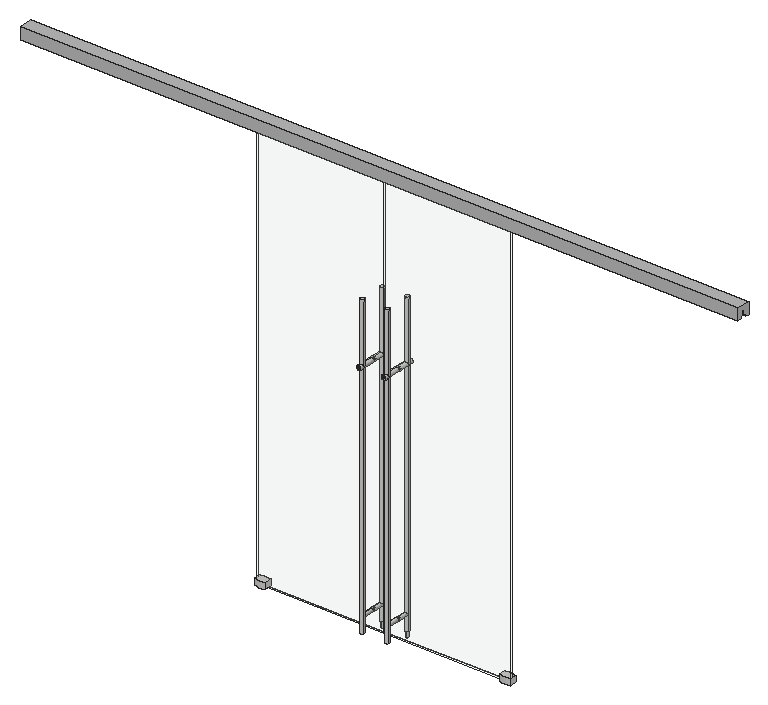
Revit family "Doors_Sliding_Avanti_Systems_Polaris-Auto-Magnetic-Slider_Pair-Soffit-Mount-Dbl-Glazed", category Doors, Revit 2015 (continued)
Definition of nested family "Handle"
  Definition of nested family "Handle_For-Glass_Rounded_60in"
    Parameters (values of type "60"")
      Handle Height [instance] = 60"  # constant formula
    Reference planes (in)
      plane 1 "Center (Front/Back)": y = 0
      plane 2: z = 19.87581
      plane 3 "Center (Left/Right)": x = 0
      plane 4: z = 2.66749
      plane 5: y = -36.97039
      plane 6: z = 0
      plane 7: y = 20.02961
      plane 8: y = -39.97039
    Forms (in)
      Sweep 1, solid, material <- "Handle Material"
        path origin (0, -11.8462, 0) x (0, 0, -1) y (0, 1, 0)
          loop
            line (-2.10925, -25.12419) -> (0, -25.12419)
        profile origin (0, -36.97039, 0) x (1, 0, 0) y (0, 1, 0)
          loop
            circle (0, 0) r 0.3125
      Sweep 2, solid, material <- "Handle Material"
        path origin (0, 16.15997, 0) x (0, 0, -1) y (0, 1, 0)
          loop
            line (-3.10757, -8.13036) -> (0, -8.13036)
        profile origin (0, 8.02961, 0) x (1, 0, 0) y (0, 1, 0)
          loop
            circle (0, 0) r 0.4375
      Extrusion 3, solid, material <- "Handle Material"
        sketch origin (0, -11.8462, 0) x (1, 0, 0) y (0, 0, -1)
          loop
            circle (0, -2.27257) r 0.39445
        from -28.12419 to 31.87581
      Revolve 4, solid, material <- "Handle Material"
        sketch origin (0, -11.8462, 0) x (0, 0, -1) y (0, 1, 0)
          loop
            line (-3.10757, 20.0489) -> (-3.19084, 20.0489) -> (-3.19084, 19.87581) -> (-3.10757, 19.87581) -> (-3.10757, 20.0489)
          axis (-3.10757, 19.87581) -> (-3.19084, 19.87581)
        angle from 0 to 360
      Extrusion 5, solid, material <- "Handle Material", visible <- "Locker"
        sketch origin (0, -11.8462, 0) x (0, 0, -1) y (0, 1, 0)
          loop
            line (-3.19084, 19.98905) -> (-3.34908, 19.98905)
            arc (-3.34908, 19.98905) -> (-3.37904, 19.97664) -> (-3.39145, 19.94668) r 0.04237
            line (-3.39145, 19.94668) -> (-3.39145, 19.80495)
            arc (-3.39145, 19.80495) -> (-3.37904, 19.77499) -> (-3.34908, 19.76258) r 0.04237
            line (-3.34908, 19.76258) -> (-3.19084, 19.76258) -> (-3.19084, 19.98905)
        from -0.03592 to 0.03621
      Revolve 6, solid, material <- "Handle Material", visible <- "No locker"
        sketch origin (0, -11.62359, 0) x (0, 0, -1) y (0, 1, 0)
          loop
            line (-3.10757, 20.0489) -> (-3.20833, 20.0489) -> (-3.20833, 19.87581) -> (-3.10757, 19.87581) -> (-3.10757, 20.0489)
          axis (-3.10757, 19.87581) -> (-3.20833, 19.87581)
        angle from 0 to 360
      Revolve 7, solid, material <- "Handle Material", visible <- "Locker"
        sketch origin (0, -11.8462, 0) x (0, 0, -1) y (0, 1, 0)
          loop
            line (-2.27257, -28.12419) -> (-2.50833, -28.12419) -> (-2.50833, -29.32199) -> (-2.41048, -29.49919) -> (-2.27257, -29.49919) -> (-2.27257, -28.12419)
          axis (-2.27257, -28.12419) -> (-2.27257, -29.49919)
        angle from 0 to 360
    Lines and regions (in)
      reference lines
        curve 1: line (0, -40.47039, 2.66749) -> (0, -40.47039, 0)
    Dimensions and locks (in)
      locked: plane 8 to plane 5 at 3
      "Handle Height": plane 7 to plane 8
      aligned and locked: Extrusion 3 to plane 7
      aligned and locked: Extrusion 3 to plane 8
      aligned and locked: Sweep 1 sketch curve to plane 5
  Definition of nested family "Handle_For-Glass_Rounded_60in2"
    Parameters (values of type "60"")
      No locker [instance] = yes
      Locker [instance] = yes
      Handle Material [instance] = none
      Handle Height [instance] = 60"  # constant formula
    Reference planes (in)
      plane 1 "Center (Front/Back)": y = 0
      plane 2: z = 19.87581
      plane 3 "Center (Left/Right)": x = 0
      plane 4: y = -36.97039
      plane 5: z = 0
      plane 6: y = 20.02961
      plane 7: y = -39.97039
      plane 8: z = -2.66749
    Forms (in)
      Sweep 1, solid, material <- "Handle Material"
        path origin (0, -11.8462, 0) x (0, 0, 1) y (0, 1, 0)
          loop
            line (-2.10925, -25.12419) -> (0, -25.12419)
        profile origin (0, -36.97039, 0) x (0, -1, 0) y (1, 0, 0)
          loop
            circle (0, 0) r 0.3125
      Sweep 2, solid, material <- "Handle Material"
        path origin (0, 16.15997, 0) x (0, 0, 1) y (0, 1, 0)
          loop
            line (-3.10757, -8.13036) -> (0, -8.13036)
        profile origin (0, 8.02961, 0) x (0, -1, 0) y (1, 0, 0)
          loop
            circle (0, 0) r 0.4375
      Extrusion 3, solid, material <- "Handle Material"
        sketch origin (0, -11.8462, 0) x (1, 0, 0) y (0, 0, -1)
          loop
            circle (0, 2.27257) r 0.39445
        from -28.12419 to 31.87581
      Revolve 4, solid, material <- "Handle Material"
        sketch origin (0, -11.8462, 0) x (0, 0, 1) y (0, 1, 0)
          loop
            line (-3.10757, 20.0489) -> (-3.19084, 20.0489) -> (-3.19084, 19.87581) -> (-3.10757, 19.87581) -> (-3.10757, 20.0489)
          axis (-3.10757, 19.87581) -> (-3.19084, 19.87581)
        angle from 0 to 360
      Extrusion 5, solid, material <- "Handle Material", visible <- "Locker"
        sketch origin (0, -11.8462, 0) x (0, 0, 1) y (0, -1, 0)
          loop
            line (-3.19084, -19.98905) -> (-3.19084, -19.76258) -> (-3.34908, -19.76258)
            arc (-3.34908, -19.76258) -> (-3.37904, -19.77499) -> (-3.39145, -19.80495) r 0.04237
            line (-3.39145, -19.80495) -> (-3.39145, -19.94668)
            arc (-3.39145, -19.94668) -> (-3.37904, -19.97664) -> (-3.34908, -19.98905) r 0.04237
            line (-3.34908, -19.98905) -> (-3.19084, -19.98905)
        from -0.03592 to 0.03621
      Revolve 6, solid, material <- "Handle Material", visible <- "No locker"
        sketch origin (0, -11.62359, 0) x (0, 0, 1) y (0, 1, 0)
          loop
            line (-3.10757, 20.0489) -> (-3.20833, 20.0489) -> (-3.20833, 19.87581) -> (-3.10757, 19.87581) -> (-3.10757, 20.0489)
          axis (-3.10757, 19.87581) -> (-3.20833, 19.87581)
        angle from 0 to 360
      Revolve 7, solid, material <- "Handle Material", visible <- "Locker"
        sketch origin (0, -11.8462, 0) x (0, 0, 1) y (0, 1, 0)
          loop
            line (-2.27257, -28.12419) -> (-2.50833, -28.12419) -> (-2.50833, -29.32199) -> (-2.41048, -29.49919) -> (-2.27257, -29.49919) -> (-2.27257, -28.12419)
          axis (-2.27257, -28.12419) -> (-2.27257, -29.49919)
        angle from 0 to 360
    Lines and regions (in)
      reference lines
        curve 1: line (0, -40.47039, -2.66749) -> (0, -40.47039, 0)
    Dimensions and locks (in)
      locked: plane 7 to plane 4 at 3
      "Handle Height": plane 6 to plane 7
Definition of nested family "Rail-Detail"
  Parameters (values of type "Family9")
    Thickness = 1/2"
    Half Thickness = Thickness / 2  # 1/4"
  Reference planes (in)
    plane 1 "Center (Front/Back)": y = 0
    plane 2: z = 0
    plane 3 "Center (Left/Right)": x = 0
    plane 4: x = 0.07386
  Lines and regions (in)
    model lines, in view "Ref. Level"
      curve 1: arc (-1.04773, 0.84252, 0) -> (-0.88829, 0.68307, 0) -> (-0.72884, 0.84252, 0) r 0.15945
      curve 2: arc (-0.72884, -0.84252, 0) -> (-0.8873, -0.68406, 0) -> (-1.04577, -0.84252, 0) r 0.15846
      curve 3: arc (1.33613, 1.08268, 0) -> (1.31306, 1.13836, 0) -> (1.25739, 1.16142, 0) r 0.07874
      curve 4: arc (1.25739, -1.18111, 0) -> (1.31306, -1.15804, 0) -> (1.33613, -1.10236, 0) r 0.07874
      curve 5: arc (0.74558, -1.16929, 0) -> (0.74904, -1.17765, 0) -> (0.75739, -1.18111, 0) r 0.01181
      curve 6: arc (0.75739, -1.07284, 0) -> (0.74903, -1.0763, 0) -> (0.74558, -1.08465, 0) r 0.01181
      curve 7: arc (0.80848, -1.07562, 0) -> (0.80492, -1.07355, 0) -> (0.80087, -1.07284, 0) r 0.01182
      curve 8: arc (0.81644, -1.08759, 0) -> (0.81516, -1.08223, 0) -> (0.81158, -1.07804, 0) r 0.01181
      curve 9: arc (0.81644, -1.12205, 0) -> (0.81875, -1.12762, 0) -> (0.82432, -1.12992, 0) r 0.00787
      curve 10: arc (0.86369, -1.12992, 0) -> (0.86925, -1.12762, 0) -> (0.87156, -1.12205, 0) r 0.00787
      curve 11: arc (0.87642, -1.07804, 0) -> (0.87285, -1.08223, 0) -> (0.87156, -1.08759, 0) r 0.01181
      curve 12: arc (0.87642, -1.07804, 0) -> (0.89912, -1.03347, 0) -> (0.87642, -0.9889, 0) r 0.05512
      curve 13: arc (0.87156, -0.97934, 0) -> (0.87285, -0.9847, 0) -> (0.87642, -0.9889, 0) r 0.01182
      curve 14: arc (0.87156, -0.94488, 0) -> (0.86925, -0.93932, 0) -> (0.86369, -0.93701, 0) r 0.00787
      curve 15: arc (0.82432, -0.93701, 0) -> (0.81875, -0.93932, 0) -> (0.81644, -0.94488, 0) r 0.00787
      curve 16: arc (0.81158, -0.98889, 0) -> (0.81516, -0.9847, 0) -> (0.81644, -0.97934, 0) r 0.01182
      curve 17: arc (0.80088, -0.9941, 0) -> (0.80493, -0.99338, 0) -> (0.80848, -0.99132, 0) r 0.0118
      curve 18: arc (0.74558, -0.98229, 0) -> (0.74903, -0.99064, 0) -> (0.75739, -0.9941, 0) r 0.01181
      curve 19: arc (0.75739, -0.88583, 0) -> (0.74903, -0.88929, 0) -> (0.74558, -0.89764, 0) r 0.01181
      curve 20: arc (1.00148, -0.89764, 0) -> (0.99802, -0.88929, 0) -> (0.98967, -0.88583, 0) r 0.01181
      curve 21: arc (1.00148, -1.09055, 0) -> (1.00494, -1.0989, 0) -> (1.01329, -1.10236, 0) r 0.01181
      curve 22: arc (1.26526, -1.10236, 0) -> (1.27361, -1.0989, 0) -> (1.27707, -1.09055, 0) r 0.01181
      curve 23: arc (1.27707, 0.68898, 0) -> (1.26554, 0.71682, 0) -> (1.2377, 0.72835, 0) r 0.03937
      curve 24: arc (1.21802, 0.74016, 0) -> (1.22148, 0.73181, 0) -> (1.22983, 0.72835, 0) r 0.01181
      curve 25: arc (1.21802, 1.01968, 0) -> (1.21571, 1.02525, 0) -> (1.21014, 1.02756, 0) r 0.00788
      curve 26: arc (0.844, 1.09843, 0) -> (0.80857, 1.06299, 0) -> (0.844, 1.02756, 0) r 0.03543
      curve 27: arc (1.07629, 1.09843, 0) -> (1.08185, 1.10073, 0) -> (1.08416, 1.1063, 0) r 0.00787
      curve 28: arc (1.09204, 1.16142, 0) -> (1.08647, 1.15911, 0) -> (1.08416, 1.15354, 0) r 0.00788
      curve 29: arc (-1.25049, 0.88583, 0) -> (-1.25884, 0.88237, 0) -> (-1.2623, 0.87402, 0) r 0.01181
      curve 30: arc (-1.2623, -0.87402, 0) -> (-1.25884, -0.88237, 0) -> (-1.25049, -0.88583, 0) r 0.01181
      curve 31: arc (-0.46309, -0.9941, 0) -> (-0.45474, -0.99064, 0) -> (-0.45128, -0.98229, 0) r 0.01181
      curve 32: arc (-0.51419, -0.99132, 0) -> (-0.51689, -0.98918, 0) -> (-0.51971, -0.98722, 0) r 0.05492
      curve 33: arc (0.82235, 0.88583, 0) -> (0.814, 0.88237, 0) -> (0.81054, 0.87402, 0) r 0.01181
      curve 34: arc (-0.1875, 1.02362, 0) -> (-0.19585, 1.02017, 0) -> (-0.19931, 1.01181, 0) r 0.01181
      curve 35: arc (-0.21112, 0.95669, 0) -> (-0.20277, 0.96015, 0) -> (-0.19931, 0.9685, 0) r 0.01181
      curve 36: arc (-0.49065, 0.95669, 0) -> (-0.499, 0.95323, 0) -> (-0.50246, 0.94488, 0) r 0.01181
      curve 37: arc (-0.50246, 0.85827, 0) -> (-0.499, 0.84992, 0) -> (-0.49065, 0.84646, 0) r 0.01181
      curve 38: arc (-0.39616, 0.83465, 0) -> (-0.39962, 0.843, 0) -> (-0.40797, 0.84646, 0) r 0.01181
      curve 39: arc (-0.40797, 0.72835, 0) -> (-0.39962, 0.73181, 0) -> (-0.39616, 0.74016, 0) r 0.01181
      curve 40: arc (-0.50593, 0.73181, 0) -> (-0.50209, 0.72925, 0) -> (-0.49756, 0.72835, 0) r 0.01184
      curve 41: arc (-0.60088, 0.83166, 0) -> (-0.59998, 0.82715, 0) -> (-0.59743, 0.82332, 0) r 0.0118
      curve 42: arc (-0.60088, 0.87402, 0) -> (-0.60434, 0.88237, 0) -> (-0.61269, 0.88583, 0) r 0.01181
      curve 43: arc (1.13337, 0.87402, 0) -> (1.12991, 0.88237, 0) -> (1.12156, 0.88583, 0) r 0.01181
      curve 44: arc (0.81054, 0.8189, 0) -> (0.814, 0.81054, 0) -> (0.82235, 0.80709, 0) r 0.01181
      curve 45: arc (0.86369, 0.79528, 0) -> (0.86023, 0.80363, 0) -> (0.85188, 0.80709, 0) r 0.01181
      curve 46: arc (0.85188, 0.72835, 0) -> (0.86023, 0.73181, 0) -> (0.86369, 0.74016, 0) r 0.01181
      curve 47: arc (0.59991, 0.84646, 0) -> (0.59155, 0.843, 0) -> (0.58809, 0.83465, 0) r 0.01181
      curve 48: arc (0.68258, 0.84646, 0) -> (0.69094, 0.84992, 0) -> (0.69439, 0.85827, 0) r 0.01181
      curve 49: arc (-0.45128, -0.89764, 0) -> (-0.45474, -0.88929, 0) -> (-0.46309, -0.88583, 0) r 0.01181
      curve 50: arc (-0.51419, -0.99132, 0) -> (-0.51063, -0.99338, 0) -> (-0.50658, -0.9941, 0) r 0.0118
      curve 51: arc (-0.57969, -0.98722, 0) -> (-0.60482, -1.03347, 0) -> (-0.57969, -1.07971, 0) r 0.05512
      curve 52: arc (-0.51971, -1.07971, 0) -> (-0.51688, -1.07775, 0) -> (-0.51418, -1.07562, 0) r 0.05538
      curve 53: arc (-0.50657, -1.07284, 0) -> (-0.51062, -1.07355, 0) -> (-0.51418, -1.07562, 0) r 0.01182
      curve 54: arc (-0.45128, -1.08465, 0) -> (-0.45474, -1.0763, 0) -> (-0.46309, -1.07284, 0) r 0.01181
      curve 55: arc (-0.46309, -1.18111, 0) -> (-0.45474, -1.17765, 0) -> (-0.45128, -1.16929, 0) r 0.01181
      curve 56: arc (-1.41978, -1.10236, 0) -> (-1.39672, -1.15804, 0) -> (-1.34104, -1.18111, 0) r 0.07874
      curve 57: arc (-1.34104, 1.1811, 0) -> (-1.39672, 1.15804, 0) -> (-1.41978, 1.10236, 0) r 0.07874
      curve 58: arc (0.5881, 0.74016, 0) -> (0.59155, 0.73181, 0) -> (0.59991, 0.72835, 0) r 0.01181
      curve 59: arc (0.78638, 1.17372, 0) -> (0.78203, 1.17909, 0) -> (0.77543, 1.1811, 0) r 0.01181
      curve 60: arc (0.78638, 1.17372, 0) -> (0.80463, 1.16142, 0) -> (0.82288, 1.17372, 0) r 0.01969
      curve 61: arc (0.83383, 1.1811, 0) -> (0.82723, 1.17909, 0) -> (0.82288, 1.17372, 0) r 0.01181
      curve 62: arc (0.69439, 0.94488, 0) -> (0.69094, 0.95323, 0) -> (0.68258, 0.95669, 0) r 0.01181
      curve 63: arc (0.39124, 0.9685, 0) -> (0.3947, 0.96015, 0) -> (0.40305, 0.95669, 0) r 0.01181
      curve 64: arc (0.39124, 1.01181, 0) -> (0.38779, 1.02017, 0) -> (0.37943, 1.02362, 0) r 0.01181
      curve 65: arc (1.20893, 0.9635, 0) -> (1.21547, 0.96767, 0) -> (1.21802, 0.975, 0) r 0.01181
      curve 66: arc (1.20893, 0.9635, 0) -> (1.17865, 0.9252, 0) -> (1.20893, 0.88689, 0) r 0.03937
      curve 67: arc (1.21802, 0.8754, 0) -> (1.21547, 0.88272, 0) -> (1.20893, 0.88689, 0) r 0.01181
      curve 68: arc (1.20621, 0.72835, 0) -> (1.21456, 0.73181, 0) -> (1.21802, 0.74016, 0) r 0.01181
      curve 69: arc (1.08022, 0.74016, 0) -> (1.08368, 0.73181, 0) -> (1.09203, 0.72835, 0) r 0.01181
      curve 70: arc (1.09203, 0.80709, 0) -> (1.08368, 0.80363, 0) -> (1.08022, 0.79528, 0) r 0.01181
      curve 71: arc (1.12156, 0.80709, 0) -> (1.12991, 0.81054, 0) -> (1.13337, 0.8189, 0) r 0.01181
      curve 72: arc (-1.09695, -1.04331, 0) -> (-1.09464, -1.04888, 0) -> (-1.08907, -1.05118, 0) r 0.00787
      curve 73: arc (-0.6875, -1.05118, 0) -> (-0.68193, -1.04888, 0) -> (-0.67962, -1.04331, 0) r 0.00787
      curve 74: arc (-0.67175, -0.88583, 0) -> (-0.67732, -0.88813, 0) -> (-0.67962, -0.8937, 0) r 0.00787
      curve 75: arc (-1.09695, -0.8937, 0) -> (-1.09925, -0.88814, 0) -> (-1.10482, -0.88583, 0) r 0.00787
      curve 76: arc (-1.08907, 1.05118, 0) -> (-1.09463, 1.04888, 0) -> (-1.09695, 1.04332, 0) r 0.00788
      curve 77: arc (-1.10482, 0.88583, 0) -> (-1.09925, 0.88814, 0) -> (-1.09695, 0.8937, 0) r 0.00787
      curve 78: arc (-0.67962, 1.0433, 0) -> (-0.68193, 1.04888, 0) -> (-0.6875, 1.05118, 0) r 0.00788
      curve 79: arc (-0.67962, 0.8937, 0) -> (-0.67732, 0.88813, 0) -> (-0.67175, 0.88583, 0) r 0.00787
      curve 80: arc (-0.53002, -1.12992, 0) -> (-0.52445, -1.12762, 0) -> (-0.52214, -1.12205, 0) r 0.00787
      curve 81: arc (-0.57726, -1.12205, 0) -> (-0.57495, -1.12762, 0) -> (-0.56939, -1.12992, 0) r 0.00787
      curve 82: arc (-0.56939, -0.93701, 0) -> (-0.57495, -0.93932, 0) -> (-0.57726, -0.94488, 0) r 0.00787
      curve 83: arc (-0.52214, -0.94488, 0) -> (-0.52445, -0.93932, 0) -> (-0.53002, -0.93701, 0) r 0.00787
      curve 84: arc (1.08022, 1.16929, 0) -> (1.07676, 1.17764, 0) -> (1.06841, 1.1811, 0) r 0.01181
      curve 85: arc (1.04085, 1.10236, 0) -> (1.06869, 1.1139, 0) -> (1.08022, 1.14173, 0) r 0.03937
      curve 86: arc (0.99314, 1.10691, 0) -> (0.99728, 1.10356, 0) -> (1.00246, 1.10236, 0) r 0.01181
      curve 87: arc (0.99314, 1.10691, 0) -> (0.96211, 1.12205, 0) -> (0.93108, 1.10691, 0) r 0.03937
      curve 88: arc (0.92177, 1.10236, 0) -> (0.92695, 1.10356, 0) -> (0.93108, 1.10691, 0) r 0.01181
      curve 89: arc (0.844, 1.10236, 0) -> (0.80463, 1.06299, 0) -> (0.844, 1.02362, 0) r 0.03937
      curve 90: arc (0.93108, 1.01908, 0) -> (0.92695, 1.02243, 0) -> (0.92177, 1.02362, 0) r 0.01181
      curve 91: arc (0.93108, 1.01908, 0) -> (0.96211, 1.00394, 0) -> (0.99314, 1.01908, 0) r 0.03937
      curve 92: arc (1.00246, 1.02362, 0) -> (0.99727, 1.02243, 0) -> (0.99314, 1.01908, 0) r 0.01181
      curve 93: arc (1.21802, 1.01181, 0) -> (1.21456, 1.02017, 0) -> (1.20621, 1.02362, 0) r 0.01181
      curve 94: line (-1.03396, 1, 0) -> (-0.74262, 1, 0)
      curve 95: line (-1.04773, 0.84252, 0) -> (-1.04773, 0.89626, 0)
      curve 96: line (-0.72884, 0.89626, 0) -> (-0.72884, 0.84252, 0)
      curve 97: line (-1.03396, -1, 0) -> (-0.74262, -1, 0)
      curve 98: line (-0.72884, -0.89626, 0) -> (-0.72884, -0.84252, 0)
      curve 99: line (-1.04577, -0.84252, 0) -> (-1.04577, -0.89626, 0)
      curve 100: line (1.33613, -1.10236, 0) -> (1.33613, 1.08268, 0)
      curve 101: line (0.75739, -1.18111, 0) -> (1.25739, -1.18111, 0)
      curve 102: line (0.75739, -1.07284, 0) -> (0.80087, -1.07284, 0)
      curve 103: line (0.81644, -1.08759, 0) -> (0.81644, -1.12205, 0)
      curve 104: line (0.82432, -1.12992, 0) -> (0.86369, -1.12992, 0)
      curve 105: line (0.87156, -1.12205, 0) -> (0.87156, -1.08759, 0)
      curve 106: line (0.87156, -0.97934, 0) -> (0.87156, -0.94488, 0)
      curve 107: line (0.86369, -0.93701, 0) -> (0.82432, -0.93701, 0)
      curve 108: line (0.81644, -0.94488, 0) -> (0.81644, -0.97934, 0)
      curve 109: line (0.80088, -0.9941, 0) -> (0.75739, -0.9941, 0)
      curve 110: line (0.75739, -0.88583, 0) -> (0.98967, -0.88583, 0)
      curve 111: line (1.26526, -1.10236, 0) -> (1.01329, -1.10236, 0)
      curve 112: line (1.27707, 0.68898, 0) -> (1.27707, -1.09055, 0)
      curve 113: line (1.22983, 0.72835, 0) -> (1.2377, 0.72835, 0)
      curve 114: line (1.21802, 1.01968, 0) -> (1.21802, 0.74016, 0)
      curve 115: line (1.21802, 0.74016, 0) -> (1.21802, 0.8754, 0)
      curve 116: line (1.00246, 1.02362, 0) -> (1.20621, 1.02362, 0)
      curve 117: line (1.21014, 1.02756, 0) -> (0.844, 1.02756, 0)
      curve 118: line (0.844, 1.02362, 0) -> (0.92177, 1.02362, 0)
      curve 119: line (0.92177, 1.10236, 0) -> (0.844, 1.10236, 0)
      curve 120: line (0.844, 1.09843, 0) -> (1.07629, 1.09843, 0)
      curve 121: line (1.08416, 1.1063, 0) -> (1.08416, 1.15354, 0)
      curve 122: line (1.25739, 1.16142, 0) -> (1.09204, 1.16142, 0)
      curve 123: line (0.74558, -0.89764, 0) -> (0.74558, -0.98229, 0)
      curve 124: line (1.00148, -1.09055, 0) -> (1.00148, -0.89764, 0)
      curve 125: line (0.74558, -1.08465, 0) -> (0.74558, -1.16929, 0)
      curve 126: line (-1.25049, 0.88583, 0) -> (-1.10482, 0.88583, 0)
      curve 127: line (-1.2623, -0.87402, 0) -> (-1.2623, 0.87402, 0)
      curve 128: line (-0.50658, -0.9941, 0) -> (-0.46309, -0.9941, 0)
      curve 129: line (0.82235, 0.88583, 0) -> (1.12156, 0.88583, 0)
      curve 130: line (-0.19931, 0.9685, 0) -> (-0.19931, 1.01181, 0)
      curve 131: line (-0.49065, 0.95669, 0) -> (-0.21112, 0.95669, 0)
      curve 132: line (-0.50246, 0.85827, 0) -> (-0.50246, 0.94488, 0)
      curve 133: line (-0.40797, 0.84646, 0) -> (-0.49065, 0.84646, 0)
      curve 134: line (-0.39616, 0.74016, 0) -> (-0.39616, 0.83465, 0)
      curve 135: line (-0.49756, 0.72835, 0) -> (-0.40797, 0.72835, 0)
      curve 136: line (-0.59743, 0.82332, 0) -> (-0.50593, 0.73181, 0)
      curve 137: line (-0.60088, 0.87402, 0) -> (-0.60088, 0.83166, 0)
      curve 138: line (-0.67175, 0.88583, 0) -> (-0.61269, 0.88583, 0)
      curve 139: line (1.13337, 0.87402, 0) -> (1.13337, 0.8189, 0)
      curve 140: line (0.81054, 0.8189, 0) -> (0.81054, 0.87402, 0)
      curve 141: line (0.85188, 0.80709, 0) -> (0.82235, 0.80709, 0)
      curve 142: line (0.86369, 0.74016, 0) -> (0.86369, 0.79528, 0)
      curve 143: line (0.59991, 0.72835, 0) -> (0.85188, 0.72835, 0)
      curve 144: line (0.58809, 0.83465, 0) -> (0.58809, 0.74016, 0)
      curve 145: line (0.68258, 0.84646, 0) -> (0.59991, 0.84646, 0)
      curve 146: line (-1.10482, -0.88583, 0) -> (-1.25049, -0.88583, 0)
      curve 147: line (-0.46309, -0.88583, 0) -> (-0.67175, -0.88583, 0)
      curve 148: line (-0.45128, -0.98229, 0) -> (-0.45128, -0.89764, 0)
      curve 149: line (-0.1875, 1.02362, 0) -> (0.07628, 1.02362, 0)
      curve 150: line (0.07628, 1.02362, 0) -> (0.09597, 1.04331, 0)
      curve 151: line (0.09597, 1.04331, 0) -> (0.11565, 1.02362, 0)
      curve 152: line (0.11565, 1.02362, 0) -> (0.37943, 1.02362, 0)
      curve 153: line (-0.46309, -1.07284, 0) -> (-0.50657, -1.07284, 0)
      curve 154: line (-0.45128, -1.16929, 0) -> (-0.45128, -1.08465, 0)
      curve 155: line (-1.34104, -1.18111, 0) -> (-0.46309, -1.18111, 0)
      curve 156: line (-1.41978, 1.10236, 0) -> (-1.41978, -1.10236, 0)
      curve 157: line (1.06841, 1.1811, 0) -> (0.83383, 1.1811, 0)
      curve 158: line (0.69439, 0.94488, 0) -> (0.69439, 0.85827, 0)
      curve 159: line (0.39124, 1.01181, 0) -> (0.39124, 0.9685, 0)
      curve 160: line (1.09203, 0.72835, 0) -> (1.20621, 0.72835, 0)
      curve 161: line (1.08022, 0.79528, 0) -> (1.08022, 0.74016, 0)
      curve 162: line (1.12156, 0.80709, 0) -> (1.09203, 0.80709, 0)
      curve 163: line (0.40305, 0.95669, 0) -> (0.68258, 0.95669, 0)
      curve 164: line (-1.09695, 1.04332, 0) -> (-1.09695, 0.8937, 0)
      curve 165: line (-0.6875, 1.05118, 0) -> (-1.08907, 1.05118, 0)
      curve 166: line (-0.67962, 0.8937, 0) -> (-0.67962, 1.0433, 0)
      curve 167: line (-0.67962, -1.04331, 0) -> (-0.67962, -0.8937, 0)
      curve 168: line (-1.08907, -1.05118, 0) -> (-0.6875, -1.05118, 0)
      curve 169: line (-1.09695, -0.8937, 0) -> (-1.09695, -1.04331, 0)
      curve 170: line (-0.57726, -1.08181, 0) -> (-0.57726, -1.12205, 0)
      curve 171: line (-0.52214, -1.12205, 0) -> (-0.52214, -1.08181, 0)
      curve 172: line (-0.52214, -0.98513, 0) -> (-0.52214, -0.94488, 0)
      curve 173: line (-0.57726, -0.94488, 0) -> (-0.57726, -0.98513, 0)
      curve 174: line (-0.53002, -1.12992, 0) -> (-0.56939, -1.12992, 0)
      curve 175: line (-0.56939, -0.93701, 0) -> (-0.53002, -0.93701, 0)
      curve 176: line (0.77543, 1.1811, 0) -> (-1.34104, 1.1811, 0)
      curve 177: line (1.08022, 1.14173, 0) -> (1.08022, 1.16929, 0)
      curve 178: line (1.00246, 1.10236, 0) -> (1.04085, 1.10236, 0)
      curve 179: line (1.21802, 0.975, 0) -> (1.21802, 1.01181, 0)
      curve 180: arc (-0.72476, 0.90317, 0) -> (-0.72774, 0.90027, 0) -> (-0.72884, 0.89626, 0) r 0.00789
      curve 181: arc (-0.72476, 0.90317, 0) -> (-0.71407, 0.92126, 0) -> (-0.72476, 0.93936, 0) r 0.02067
      curve 182: arc (-0.72884, 0.94626, 0) -> (-0.72774, 0.94225, 0) -> (-0.72476, 0.93936, 0) r 0.00787
      curve 183: arc (-1.05181, 0.93936, 0) -> (-1.04883, 0.94225, 0) -> (-1.04773, 0.94626, 0) r 0.00787
      curve 184: arc (-1.05181, 0.93936, 0) -> (-1.0625, 0.92126, 0) -> (-1.05181, 0.90317, 0) r 0.02067
      curve 185: arc (-1.04773, 0.89626, 0) -> (-1.04883, 0.90027, 0) -> (-1.05181, 0.90317, 0) r 0.00789
      curve 186: arc (-1.07529, 1.04331, 0) -> (-1.08365, 1.03984, 0) -> (-1.0871, 1.03148, 0) r 0.01181
      curve 187: arc (-0.68947, 1.0315, 0) -> (-0.69293, 1.03985, 0) -> (-0.70128, 1.04331, 0) r 0.01181
      curve 188: arc (-1.03592, 1, 0) -> (-1.04427, 0.99654, 0) -> (-1.04773, 0.98818, 0) r 0.01182
      curve 189: arc (-1.05954, 0.84646, 0) -> (-1.05119, 0.84992, 0) -> (-1.04773, 0.85827, 0) r 0.01181
      curve 190: arc (-0.72884, 0.98818, 0) -> (-0.7323, 0.99654, 0) -> (-0.74065, 1, 0) r 0.01182
      curve 191: arc (-0.72884, 0.85827, 0) -> (-0.72538, 0.84992, 0) -> (-0.71703, 0.84646, 0) r 0.01181
      curve 192: arc (-0.6245, 0.84646, 0) -> (-0.61615, 0.84992, 0) -> (-0.61269, 0.85827, 0) r 0.01181
      curve 193: arc (-0.61269, 0.87402, 0) -> (-0.61615, 0.88237, 0) -> (-0.6245, 0.88583, 0) r 0.01181
      curve 194: arc (-0.68947, 0.89764, 0) -> (-0.68601, 0.88929, 0) -> (-0.67766, 0.88583, 0) r 0.01181
      curve 195: arc (-1.09891, 0.88583, 0) -> (-1.09056, 0.88929, 0) -> (-1.0871, 0.89764, 0) r 0.01181
      curve 196: arc (-1.16388, 0.85827, 0) -> (-1.16042, 0.84992, 0) -> (-1.15207, 0.84646, 0) r 0.01181
      curve 197: arc (-1.15207, 0.88583, 0) -> (-1.16042, 0.88237, 0) -> (-1.16388, 0.87402, 0) r 0.01181
      curve 198: arc (-1.04773, -0.94626, 0) -> (-1.04883, -0.94226, 0) -> (-1.05181, -0.93936, 0) r 0.00787
      curve 199: arc (-0.72476, -0.93936, 0) -> (-0.72774, -0.94226, 0) -> (-0.72884, -0.94626, 0) r 0.00787
      curve 200: arc (-0.70128, -1.04331, 0) -> (-0.69293, -1.03985, 0) -> (-0.68947, -1.0315, 0) r 0.01181
      curve 201: arc (-1.04773, -0.98819, 0) -> (-1.04428, -0.99654, 0) -> (-1.03592, -1, 0) r 0.01181
      curve 202: arc (-1.04577, -0.85827, 0) -> (-1.04923, -0.84992, 0) -> (-1.05758, -0.84646, 0) r 0.01181
      curve 203: arc (-0.74065, -1, 0) -> (-0.7323, -0.99654, 0) -> (-0.72884, -0.98819, 0) r 0.01181
      curve 204: arc (-0.71702, -0.84646, 0) -> (-0.72538, -0.84992, 0) -> (-0.72884, -0.85827, 0) r 0.01181
      curve 205: arc (-0.61269, -0.85827, 0) -> (-0.61615, -0.84992, 0) -> (-0.62451, -0.84646, 0) r 0.01181
      curve 206: arc (-0.62451, -0.88583, 0) -> (-0.61615, -0.88237, 0) -> (-0.61269, -0.87402, 0) r 0.01181
      curve 207: arc (-0.67766, -0.88583, 0) -> (-0.68601, -0.88929, 0) -> (-0.68947, -0.89764, 0) r 0.01181
      curve 208: arc (-1.0871, -0.89764, 0) -> (-1.09056, -0.88929, 0) -> (-1.09891, -0.88583, 0) r 0.01181
      curve 209: arc (-1.15206, -0.84646, 0) -> (-1.16042, -0.84992, 0) -> (-1.16388, -0.85827, 0) r 0.01181
      curve 210: arc (-1.16388, -0.87402, 0) -> (-1.16042, -0.88237, 0) -> (-1.15206, -0.88583, 0) r 0.01181
      curve 211: arc (-1.0871, -1.0315, 0) -> (-1.08365, -1.03985, 0) -> (-1.07529, -1.04331, 0) r 0.01181
      curve 212: arc (-1.05181, -0.90316, 0) -> (-1.04883, -0.90027, 0) -> (-1.04773, -0.89626, 0) r 0.00787
      curve 213: arc (-0.72884, -0.89626, 0) -> (-0.72774, -0.90027, 0) -> (-0.72476, -0.90316, 0) r 0.00787
      curve 214: arc (-1.05181, -0.90316, 0) -> (-1.0625, -0.92126, 0) -> (-1.05181, -0.93936, 0) r 0.02067
      curve 215: arc (-0.72476, -0.93936, 0) -> (-0.71407, -0.92126, 0) -> (-0.72476, -0.90316, 0) r 0.02067
      curve 216: line (-0.67766, 0.88583, 0) -> (-0.6245, 0.88583, 0)
      curve 217: line (-0.61269, 0.87402, 0) -> (-0.61269, 0.85827, 0)
      curve 218: line (-0.6245, 0.84646, 0) -> (-0.71703, 0.84646, 0)
      curve 219: line (-0.72884, 0.85827, 0) -> (-0.72884, 0.89626, 0)
      curve 220: line (-0.72884, 0.94626, 0) -> (-0.72884, 0.98818, 0)
      curve 221: line (-0.74065, 1, 0) -> (-1.03592, 1, 0)
      curve 222: line (-1.04773, 0.98818, 0) -> (-1.04773, 0.94626, 0)
      curve 223: line (-1.04773, 0.89626, 0) -> (-1.04773, 0.85827, 0)
      curve 224: line (-1.05954, 0.84646, 0) -> (-1.15207, 0.84646, 0)
      curve 225: line (-1.16388, 0.85827, 0) -> (-1.16388, 0.87402, 0)
      curve 226: line (-1.15207, 0.88583, 0) -> (-1.09891, 0.88583, 0)
      curve 227: line (-1.07529, 1.04331, 0) -> (-0.70128, 1.04331, 0)
      curve 228: line (-0.68947, 1.0315, 0) -> (-0.68947, 0.89764, 0)
      curve 229: line (-1.0871, 0.89764, 0) -> (-1.0871, 1.03148, 0)
      curve 230: line (-0.70128, -1.04331, 0) -> (-1.07529, -1.04331, 0)
      curve 231: line (-0.62451, -0.84646, 0) -> (-0.71702, -0.84646, 0)
      curve 232: line (-0.61269, -0.87402, 0) -> (-0.61269, -0.85827, 0)
      curve 233: line (-0.67766, -0.88583, 0) -> (-0.62451, -0.88583, 0)
      curve 234: line (-1.15206, -0.88583, 0) -> (-1.09891, -0.88583, 0)
      curve 235: line (-1.16388, -0.85827, 0) -> (-1.16388, -0.87402, 0)
      curve 236: line (-1.05758, -0.84646, 0) -> (-1.15206, -0.84646, 0)
      curve 237: line (-1.04577, -0.89626, 0) -> (-1.04577, -0.85827, 0)
      curve 238: line (-0.74065, -1, 0) -> (-1.03592, -1, 0)
      curve 239: line (-0.72884, -0.94626, 0) -> (-0.72884, -0.98819, 0)
      curve 240: line (-0.72884, -0.85827, 0) -> (-0.72884, -0.89626, 0)
      curve 241: line (-1.04773, -0.98819, 0) -> (-1.04773, -0.94626, 0)
      curve 242: line (-0.68947, -1.0315, 0) -> (-0.68947, -0.89764, 0)
      curve 243: line (-1.0871, -0.89764, 0) -> (-1.0871, -1.0315, 0)
      curve 244: arc (0.91005, 0.71109, 0) -> (0.77573, 0.72832, 0) -> (0.6418, 0.70829, 0) r 0.49218
      curve 245: arc (-0.99964, 0.71542, 0) -> (-0.88829, 0.66929, 0) -> (-0.77693, 0.71542, 0) r 0.15748
      curve 246: arc (-0.99964, 0.54219, 0) -> (-0.88829, 0.49606, 0) -> (-0.77693, 0.54219, 0) r 0.15748
      curve 247: arc (-0.46, 0.66929, 0) -> (-0.4688, 0.66385, 0) -> (-0.46787, 0.65354, 0) r 0.00984
      curve 248: arc (0.71591, -0.49409, 0) -> (0.70199, -0.49986, 0) -> (0.69623, -0.51378, 0) r 0.01969
      curve 249: arc (0.87339, -0.49409, 0) -> (0.88731, -0.48833, 0) -> (0.89308, -0.47441, 0) r 0.01969
      curve 250: arc (0.89308, -0.3563, 0) -> (0.88926, -0.34465, 0) -> (0.8793, -0.33752, 0) r 0.01969
      curve 251: arc (1.15621, 0.54584, 0) -> (1.13067, 0.56291, 0) -> (1.10054, 0.5689, 0) r 0.07873
      curve 252: arc (1.15621, 0.49016, 0) -> (1.16495, 0.518, 0) -> (1.15621, 0.54584, 0) r 0.04871
      curve 253: arc (1.15621, -0.70725, 0) -> (1.16495, -0.67941, 0) -> (1.15621, -0.65157, 0) r 0.04871
      curve 254: arc (1.10054, -0.73031, 0) -> (1.13067, -0.72432, 0) -> (1.15621, -0.70725, 0) r 0.07873
      curve 255: arc (1.2282, 0.41818, 0) -> (1.23694, 0.44601, 0) -> (1.2282, 0.47385, 0) r 0.04871
      curve 256: arc (1.2282, -0.63526, 0) -> (1.23694, -0.60743, 0) -> (1.2282, -0.57959, 0) r 0.04871
      curve 257: arc (1.2282, -0.63526, 0) -> (1.24527, -0.60972, 0) -> (1.25126, -0.57959, 0) r 0.07874
      curve 258: arc (1.25126, 0.41818, 0) -> (1.24527, 0.44831, 0) -> (1.2282, 0.47385, 0) r 0.07874
      curve 259: arc (0.8793, 0.35433, 0) -> (0.86777, 0.38217, 0) -> (0.83993, 0.3937, 0) r 0.03937
      curve 260: arc (0.83993, -0.47244, 0) -> (0.86777, -0.46091, 0) -> (0.8793, -0.43307, 0) r 0.03937
      curve 261: arc (0.61532, 0.61024, 0) -> (0.60704, 0.63859, 0) -> (0.58137, 0.6532, 0) r 0.03937
      curve 262: arc (0.58137, -0.50753, 0) -> (0.60577, -0.49443, 0) -> (0.61552, -0.46851, 0) r 0.03937
      curve 263: line (0.6667, -0.52858, 0) -> (0.69623, -0.52858, 0)
      curve 264: line (0.69623, -0.52858, 0) -> (0.6667, -0.52858, 0)
      curve 265: line (0.6667, -0.52858, 0) -> (0.69623, -0.52858, 0)
      curve 266: line (0.69623, -0.52858, 0) -> (0.6667, -0.52858, 0)
      curve 267: line (0.6667, -0.52858, 0) -> (0.69623, -0.52858, 0)
      curve 268: line (0.69623, -0.52858, 0) -> (0.6667, -0.52858, 0)
      curve 269: line (0.6667, -0.52858, 0) -> (0.69623, -0.52858, 0)
      curve 270: line (0.69623, -0.52858, 0) -> (0.6667, -0.52858, 0)
      curve 271: line (0.6667, -0.52858, 0) -> (0.6667, -0.55417, 0)
      curve 272: line (0.6667, -0.55417, 0) -> (0.69623, -0.55417, 0)
      curve 273: line (0.8793, -0.24596, 0) -> (0.91005, -0.23865, 0)
      curve 274: line (0.91005, -0.23865, 0) -> (0.93835, -0.21034, 0)
      curve 275: line (0.93835, -0.21034, 0) -> (0.93835, -0.04367, 0)
      curve 276: line (0.93835, -0.04367, 0) -> (0.93835, 0.68278, 0)
      curve 277: line (0.93835, 0.68278, 0) -> (0.91005, 0.71109, 0)
      curve 278: line (0.91005, 0.71109, 0) -> (0.91005, -0.06141, 0)
      curve 279: line (0.91005, -0.06141, 0) -> (0.91005, -0.23865, 0)
      curve 280: line (0.6418, 0.3937, 0) -> (0.6418, 0.70829, 0)
      curve 281: line (0.6418, 0.70829, 0) -> (0.6225, 0.66929, 0)
      curve 282: line (-0.65206, 0.73228, 0) -> (-0.65206, 0.74803, 0)
      curve 283: line (-0.65206, 0.74803, 0) -> (-0.67175, 0.76772, 0)
      curve 284: line (-0.67175, 0.76772, 0) -> (-0.72463, 0.76772, 0)
      curve 285: line (-0.72463, 0.76772, 0) -> (-0.77693, 0.71542, 0)
      curve 286: line (-0.77693, 0.71542, 0) -> (-0.77693, 0.54219, 0)
      curve 287: line (0.93835, 0.13779, 0) -> (0.94623, 0.13779, 0)
      curve 288: line (0.94623, 0.13779, 0) -> (0.95804, 0.14961, 0)
      curve 289: line (0.95804, 0.14961, 0) -> (0.95804, 0.32283, 0)
      curve 290: line (0.95804, 0.32283, 0) -> (0.94623, 0.33465, 0)
      curve 291: line (0.94623, 0.33465, 0) -> (0.93835, 0.33465, 0)
      curve 292: line (-1.12451, 0.54974, 0) -> (-1.12451, -0.76378, 0)
      curve 293: line (-1.12451, -0.76378, 0) -> (-1.10482, -0.78347, 0)
      curve 294: line (-1.10482, -0.78347, 0) -> (-1.05194, -0.78347, 0)
      curve 295: line (-1.05194, -0.78347, 0) -> (-0.99964, -0.73116, 0)
      curve 296: line (-0.99964, -0.73116, 0) -> (-0.99964, 0.54219, 0)
      curve 297: line (-0.99964, 0.54219, 0) -> (-1.05194, 0.59449, 0)
      curve 298: line (-1.05194, 0.59449, 0) -> (-1.10482, 0.59449, 0)
      curve 299: line (-1.10482, 0.59449, 0) -> (-1.12451, 0.57481, 0)
      curve 300: line (-1.12451, 0.57481, 0) -> (-1.12451, 0.54974, 0)
      curve 301: line (-0.77693, -0.73116, 0) -> (-0.72463, -0.78347, 0)
      curve 302: line (-0.72463, -0.78347, 0) -> (-0.67175, -0.78347, 0)
      curve 303: line (-0.67175, -0.78347, 0) -> (-0.65206, -0.76378, 0)
      curve 304: line (-0.65206, -0.76378, 0) -> (-0.65206, 0.57481, 0)
      curve 305: line (-0.65206, 0.57481, 0) -> (-0.67175, 0.59449, 0)
      curve 306: line (-0.67175, 0.59449, 0) -> (-0.72463, 0.59449, 0)
      curve 307: line (-0.72463, 0.59449, 0) -> (-0.77693, 0.54219, 0)
      curve 308: line (-0.77693, 0.54219, 0) -> (-0.77693, -0.73116, 0)
      curve 309: line (-0.65206, 0.57481, 0) -> (-0.65206, 0.73228, 0)
      curve 310: line (-1.12451, 0.73228, 0) -> (-1.12451, 0.74803, 0)
      curve 311: line (-1.12451, 0.74803, 0) -> (-1.10482, 0.76772, 0)
      curve 312: line (-1.10482, 0.76772, 0) -> (-1.05194, 0.76772, 0)
      curve 313: line (-1.05194, 0.76772, 0) -> (-0.99964, 0.71542, 0)
      curve 314: line (-0.99964, 0.71542, 0) -> (-0.99964, 0.54219, 0)
      curve 315: line (-0.63238, 0.14961, 0) -> (-0.65206, 0.14961, 0)
      curve 316: line (-0.65206, -0.33858, 0) -> (-0.63238, -0.33858, 0)
      curve 317: line (-0.63238, 0.30709, 0) -> (-0.65206, 0.30709, 0)
      curve 318: line (0.61532, 0.3937, 0) -> (0.83993, 0.3937, 0)
      curve 319: line (0.83993, 0.3937, 0) -> (0.8793, 0.3937, 0)
      curve 320: line (0.8793, 0.3937, 0) -> (0.8793, 0.35433, 0)
      curve 321: line (0.8793, 0.35433, 0) -> (0.8793, -0.43307, 0)
      curve 322: line (0.8793, -0.43307, 0) -> (0.8793, -0.47244, 0)
      curve 323: line (0.8793, -0.47244, 0) -> (0.83993, -0.47244, 0)
      curve 324: line (0.83993, -0.47244, 0) -> (0.61532, -0.47244, 0)
      curve 325: line (0.61532, -0.47244, 0) -> (0.61532, 0.61024, 0)
      curve 326: line (0.62339, 0.3937, 0) -> (0.62339, 0.67109, 0)
      curve 327: line (0.6225, 0.66929, 0) -> (-0.46, 0.66929, 0)
      curve 328: line (0.93835, 0.5689, 0) -> (1.10054, 0.5689, 0)
      curve 329: line (1.10054, 0.5689, 0) -> (1.10054, 0.49016, 0)
      curve 330: line (1.10054, 0.49016, 0) -> (1.10054, -0.65157, 0)
      curve 331: line (1.10054, -0.65157, 0) -> (0.69623, -0.65157, 0)
      curve 332: line (0.69623, -0.65157, 0) -> (0.69623, -0.51378, 0)
      curve 333: line (0.71591, -0.49409, 0) -> (0.87339, -0.49409, 0)
      curve 334: line (0.89308, -0.47441, 0) -> (0.89308, -0.3563, 0)
      curve 335: line (0.93835, 0.49016, 0) -> (1.10054, 0.49016, 0)
      curve 336: line (1.10054, 0.49016, 0) -> (1.15621, 0.49016, 0)
      curve 337: line (1.15621, 0.49016, 0) -> (1.15621, -0.65157, 0)
      curve 338: line (1.15621, -0.65157, 0) -> (1.10054, -0.65157, 0)
      curve 339: line (1.10054, -0.65157, 0) -> (1.10054, -0.73031, 0)
      curve 340: line (1.10054, -0.73031, 0) -> (0.69623, -0.73031, 0)
      curve 341: line (0.69623, -0.73031, 0) -> (0.69623, -0.65157, 0)
      curve 342: line (1.2282, 0.41818, 0) -> (1.15621, 0.49016, 0)
      curve 343: line (1.15621, 0.54584, 0) -> (1.2282, 0.47385, 0)
      curve 344: line (1.2282, -0.63526, 0) -> (1.15621, -0.70725, 0)
      curve 345: line (1.15621, -0.65157, 0) -> (1.2282, -0.57959, 0)
      curve 346: line (1.2282, -0.57959, 0) -> (1.2282, 0.41818, 0)
      curve 347: line (1.2282, 0.41818, 0) -> (1.25126, 0.41818, 0)
      curve 348: line (1.25126, 0.41818, 0) -> (1.25126, -0.57959, 0)
      curve 349: line (1.25126, -0.57959, 0) -> (1.2282, -0.57959, 0)
      curve 350: line (0.75331, -0.47244, 0) -> (0.75331, -0.49409, 0)
      curve 351: line (0.79268, -0.49409, 0) -> (0.79268, -0.47244, 0)
      curve 352: line (-0.67175, -0.78347, 0) -> (-0.67175, 0.76772, 0)
      curve 353: line (-0.65206, 0.59055, 0) -> (-0.64025, 0.59055, 0)
      curve 354: line (-0.62004, -0.59055, 0) -> (-0.63238, -0.59055, 0)
      curve 355: line (-0.56039, -0.59055, 0) -> (-0.65206, -0.59055, 0)
      curve 356: line (-0.63238, -0.59055, 0) -> (-0.63238, -0.54252, 0)
      curve 357: line (-0.36405, -0.78347, 0) -> (-0.17614, -0.78347, 0)
      curve 358: line (-0.17614, -0.78347, 0) -> (-0.17614, 0.17718, 0)
      curve 359: line (-0.27694, 0.17718, 0) -> (0.21444, 0.17718, 0)
      curve 360: line (0.21444, 0.17718, 0) -> (0.32386, 0.17759, 0)
      curve 361: line (0.62339, 0.43307, 0) -> (0.61532, 0.43307, 0)
      curve 362: line (0.18652, 0.39972, 0) -> (0.19789, 0.37587, 0)
      curve 363: line (0.19789, 0.37587, 0) -> (0.2062, 0.32874, 0)
      curve 364: line (0.2062, 0.32874, 0) -> (0.2062, 0.17718, 0)
      curve 365: line (-0.27694, 0.1811, 0) -> (-0.27694, 0.20079, 0)
      curve 366: line (-0.27694, 0.20079, 0) -> (0.18652, 0.20079, 0)
      curve 367: line (0.18652, 0.20079, 0) -> (0.18652, 0.17718, 0)
      curve 368: line (-1.05194, 0.76772, 0) -> (-1.05194, 0.59449, 0)
      curve 369: line (-1.05194, 0.59449, 0) -> (-1.05194, -0.78347, 0)
      curve 370: line (-1.10482, 0.76772, 0) -> (-1.10482, 0.59449, 0)
      curve 371: line (-1.10482, 0.59449, 0) -> (-1.10482, 0.56869, 0)
      curve 372: line (-1.10482, 0.56869, 0) -> (-1.10482, -0.78347, 0)
      curve 373: line (-0.72463, 0.76772, 0) -> (-0.72463, 0.59449, 0)
      curve 374: line (-0.72463, 0.59449, 0) -> (-0.72463, -0.78347, 0)
      curve 375: line (-1.12451, 0.57481, 0) -> (-1.12451, 0.73228, 0)
      curve 376: line (-0.56039, 0.61417, 0) -> (-0.64025, 0.61417, 0)
      curve 377: line (-0.64025, 0.61417, 0) -> (-0.64025, 0.65354, 0)
      curve 378: line (-0.64025, 0.65354, 0) -> (-0.56039, 0.65354, 0)
      curve 379: line (-0.64025, -0.46851, 0) -> (-0.64025, -0.33858, 0)
      curve 380: line (-0.64025, 0.30709, 0) -> (-0.64025, 0.61417, 0)
      curve 381: line (-0.65206, -0.51181, 0) -> (-0.63238, -0.50787, 0)
      curve 382: line (-0.64025, -0.50945, 0) -> (-0.64025, -0.46851, 0)
      curve 383: line (0.58137, -0.7441, 0) -> (0.58137, 0.61417, 0)
      curve 384: line (0.58137, 0.61417, 0) -> (0.58137, 0.65354, 0)
      curve 385: line (0.58137, 0.65354, 0) -> (0.37163, 0.65354, 0)
      curve 386: line (0.37163, 0.65354, 0) -> (0.18652, 0.65354, 0)
      curve 387: line (0.4846, 0.16142, 0) -> (0.4846, -0.78347, 0)
      curve 388: line (0.4846, -0.78347, 0) -> (0.32386, -0.78347, 0)
      curve 389: line (0.32386, -0.78347, 0) -> (0.32386, 0.17759, 0)
      curve 390: line (0.32386, 0.16142, 0) -> (0.4846, 0.16142, 0)
      curve 391: line (0.58137, 0.61417, 0) -> (0.4846, 0.61417, 0)
      curve 392: line (0.4846, 0.61417, 0) -> (0.4846, 0.65354, 0)
      curve 393: line (0.4846, 0.61417, 0) -> (0.4846, -0.7441, 0)
      curve 394: line (0.4846, -0.7441, 0) -> (0.58137, -0.7441, 0)
      curve 395: line (0.58137, -0.7441, 0) -> (0.58137, -0.78347, 0)
      curve 396: line (0.58137, -0.78347, 0) -> (0.4846, -0.78347, 0)
      curve 397: line (-0.56039, 0.43701, 0) -> (-0.63238, 0.43701, 0)
      curve 398: line (-0.63238, 0.43701, 0) -> (-0.63238, -0.54252, 0)
      curve 399: line (-0.56039, -0.82284, 0) -> (-0.36405, -0.82284, 0)
      curve 400: line (-0.36405, -0.82284, 0) -> (-0.36405, -0.78347, 0)
      curve 401: line (-0.56039, -0.82284, 0) -> (-0.56039, -0.50787, 0)
      curve 402: line (-0.56039, -0.50787, 0) -> (-0.56039, 0.65354, 0)
      curve 403: line (-0.56039, 0.65354, 0) -> (0.18652, 0.65354, 0)
      curve 404: line (0.18652, 0.65354, 0) -> (0.18652, 0.20079, 0)
      curve 405: line (-0.27694, -0.78347, 0) -> (-0.27694, 0.1811, 0)
      curve 406: line (0.60607, 0.63977, 0) -> (0.62339, 0.63977, 0)
      curve 407: line (-0.64025, 0.51181, 0) -> (-0.65206, 0.51181, 0)
  Dimensions and locks (in)
    "Half Thickness": curve 358 to plane 4
    "Half Thickness": plane 4 to curve 389
Definition of nested family "Arrow"
  Reference planes (in)
    plane 1 "Center (Front/Back)": y = 0
    plane 2: z = 0
    plane 3 "Center (Left/Right)": x = 0
  Lines and regions (in)
    detail lines, in view "Ref. Level"
      curve 1: line (-2.57725, 1.35976, 0) -> (-3.93701, 0, 0)
      curve 2: line (-3.93701, 0, 0) -> (3.93701, 0, 0)
      curve 3: line (-2.57725, -1.35976, 0) -> (-3.93701, 0, 0)
